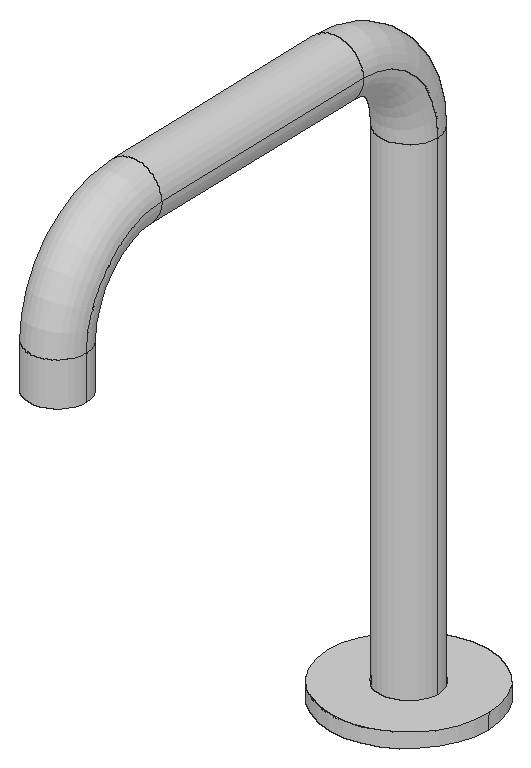
Revit family "Urbane II Hob Swivel Outlet 150mm", category Specialty Equipment, host Face, Revit 2019
Family settings
  Host = Face
  Round Connector Dimension = Use Radius
  Part Type = Normal
  OmniClass Number = 23.45.55.14
  OmniClass Title = Single Faucets
  Cut with Voids When Loaded = No
  Shared = No
  Room Calculation Point = No
Parameters (values of type "Urbane II Hob Swivel Outlet 150mm – Chrome")
  URL = "https://www.caroma.com.au/"
  Model = "99684C65A"
  Material_Base = GWA_Metal-Chrome
  Manufacturer = "GWA Bathrooms & Kitchens"  # constant formula
  Keynote = ""
  Description = "Urbane II Hob Swivel Outlet 150mm – Chrome"
  Default Elevation = 1000.00 mm
  CreatedBy_ANZRS = "GWA Bathrooms & Kitchens"  # constant formula
  Assembly Code = "C1030220"
Types (6, lengths in mm): name | Model | Material_Base | Description
  (no name) | "99684C65A" | GWA_Metal-Chrome | "Urbane II Hob Swivel Outlet 150mm – Chrome"
  Urbane II Hob Swivel Outlet 150mm – Chrome | "99684C65A" | GWA_Metal-Chrome | "Urbane II Hob Swivel Outlet 150mm – Chrome"
  Urbane II Hob Swivel Outlet 150mm – Matte Black | "99684B65A" | GWA-Metal-Black | "Urbane II Hob Swivel Outlet 150mm – Matte Black"
  Urbane II Hob Swivel Outlet 150mm – Brushed Brass | "99684BB65A" | GWA_Metal-Brushed-Brass | "Urbane II Hob Swivel Outlet 150mm – Brushed Brass"
  Urbane II Hob Swivel Outlet 150mm – Gunmetal | "99684GM65A" | GWA-Metal-Gunmetal Grey | "Urbane II Hob Swivel Outlet 150mm – Gunmetal"
  Urbane II Hob Swivel Outlet 150mm – Brushed Nickel | "99684BN65A" | GWA_Metal-Brushed-Nickel | "Urbane II Hob Swivel Outlet 150mm – Brushed Nickel"
Reference planes
  plane 1 "Center (Front/Back)": y = 0
  plane 2: z = 0
  plane 3 "Center (Left/Right)": x = 0
Forms (mm)
  Extrusion 1, solid, material "GWA_Metal-Chrome" <- "Material_Base"
    sketch origin (50, 0, 0) x (1, 0, 0) y (0, 1, 0)
      loop
        circle (-50, 0) r 27.5
      loop
        circle (-50, 0) r 10.5
    from 0 to 5
  Sweep 2, solid, material "GWA_Metal-Chrome" <- "Material_Base"
    path origin (0, 0, 0) x (0, 1, 0) y (0, 0, 1)
      loop
        line (0, 0) -> (0, 175)
        arc (0, 175) -> (-9.373, 197.627) -> (-32, 207) r 32
        line (-32, 207) -> (-118, 207)
        arc (-118, 207) -> (-140.627, 197.627) -> (-150, 175) r 32
        line (-150, 175) -> (-150, 160)
    profile origin (0, 0, 87.5) x (0, -1, 0) y (1, 0, 0)
      loop
        circle (0, 0) r 10
  Extrusion 3, void
    sketch origin (50, 0, 0) x (1, 0, 0) y (0, 1, 0)
      loop
        circle (-50, -150) r 9
    from 155 to 161
Cuts and joins
  Extrusion 3 cuts Sweep 2
Lines and regions (mm)
  Masking region 1
    outline origin (-50, 0, 0) x (0, 0, -1) y (0, -1, 0)
      loop
        line (-5, -10) -> (-5, -27.5) -> (0, -27.5) -> (0, 27.5) -> (-5, 27.5) -> (-5, 10) -> (-175, 10)
        arc (-175, 10) -> (-190.556, 16.444) -> (-197, 32) r 22
        line (-197, 32) -> (-197, 118)
        arc (-197, 118) -> (-190.556, 133.556) -> (-175, 140) r 22
        line (-175, 140) -> (-160, 140) -> (-160, 160) -> (-175, 160)
        arc (-175, 160) -> (-204.698, 147.698) -> (-217, 118) r 42
        line (-217, 118) -> (-217, 32)
        arc (-217, 32) -> (-204.698, 2.302) -> (-175, -10) r 42
        line (-175, -10) -> (-5, -10)
  Masking region 2
    outline origin (50, -45.5, 0) x (0, 0, -1) y (1, 0, 0)
      loop
        line (0, -22.5) -> (-5, -22.5) -> (-5, -40) -> (-207, -40)
        arc (-207, -40) -> (-217, -50) -> (-207, -60) r 10
        line (-207, -60) -> (-5, -60) -> (-5, -77.5) -> (0, -77.5) -> (0, -22.5)
  Masking region 3
    outline origin (50, 0, 0) x (1, 0, 0) y (0, 1, 0)
      loop
        arc (-40, -25.617) -> (-50, 27.5) -> (-60, -25.617) r 27.5
        line (-60, -25.617) -> (-60, -150)
        arc (-60, -150) -> (-50, -160) -> (-40, -150) r 10
        line (-40, -150) -> (-40, -25.617)
  symbolic lines
    curve 1: line (-50, -140, 160) -> (-50, -160, 160)
    curve 2: line (-50, -140, 175) -> (-50, -140, 160)
    curve 3: line (-50, -160, 175) -> (-50, -160, 160)
    curve 4: arc (-50, -160, 175) -> (-50, -147.698, 204.698) -> (-50, -118, 217) r 42
    curve 5: arc (-50, -140, 175) -> (-50, -133.556, 190.556) -> (-50, -118, 197) r 22
    curve 6: line (-50, -32, 197) -> (-50, -118, 197)
    curve 7: line (-50, -32, 217) -> (-50, -118, 217)
    curve 8: arc (-50, -32, 217) -> (-50, -2.302, 204.698) -> (-50, 10, 175) r 42
    curve 9: arc (-50, -32, 197) -> (-50, -16.444, 190.556) -> (-50, -10, 175) r 22
    curve 10: line (-50, -10, 5) -> (-50, -10, 175)
    curve 11: line (-50, 10, 5) -> (-50, 10, 175)
    curve 12: line (-27.5, -45.5, 5) -> (27.5, -45.5, 5)
    curve 13: line (-27.5, -45.5, 0) -> (-27.5, -45.5, 5)
    curve 14: line (27.5, -45.5, 0) -> (-27.5, -45.5, 0)
    curve 15: line (27.5, -45.5, 5) -> (27.5, -45.5, 0)
    curve 16: arc (10, -45.5, 207) -> (0, -45.5, 217) -> (-10, -45.5, 207) r 10
    curve 17: line (-10, -45.5, 160) -> (10, -45.5, 160)
    curve 18: line (10, -45.5, 207) -> (10, -45.5, 5)
    curve 19: line (-10, -45.5, 207) -> (-10, -45.5, 5)
    curve 20: arc (10, -25.617, 0) -> (0, 27.5, 0) -> (-10, -25.617, 0) r 27.5
    curve 21: line (10, 0, 0) -> (10, -150, 0)
    curve 22: line (-10, -150, 0) -> (-10, 0, 0)
    curve 26: line (-50, -27.5, 5) -> (-50, 27.5, 5)
    curve 27: line (-50, -27.5, 0) -> (-50, -27.5, 5)
    curve 28: line (-50, 27.5, 0) -> (-50, -27.5, 0)
    curve 29: line (-50, 27.5, 5) -> (-50, 27.5, 0)
  symbolic lines, style "SpecialityEquipment"
    curve 23: arc (10, 0, 0) -> (0, 10, 0) -> (-10, 0, 0) r 10
    curve 24: arc (10, -3.202, 0) -> (0, 10.5, 0) -> (-10, -3.202, 0) r 10.5
    curve 25: arc (-10, -150, 0) -> (0, -160, 0) -> (10, -150, 0) r 10
Dimensions and locks
  aligned and locked: plane 2 to host face
  aligned and locked: level to host face
